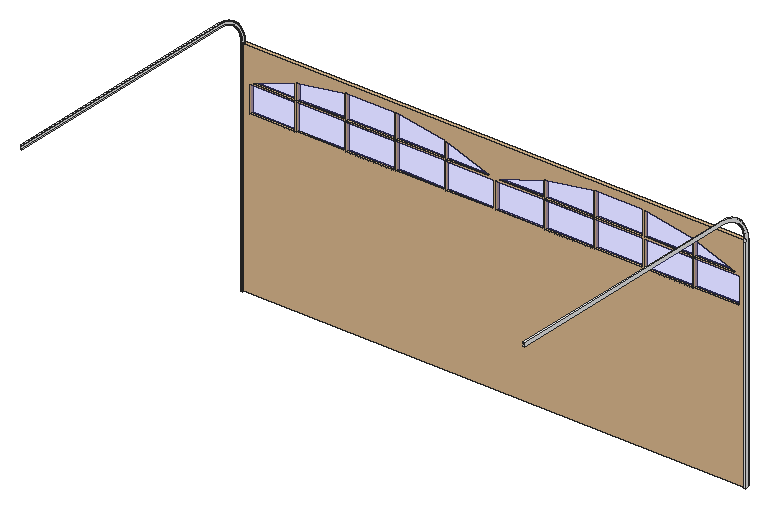
Revit family
Parameters (values of type "7Ft H x 8Ft W")
  Track Width = Width + 0' 2"  # 18' - 2"
  Track Height = Height + 1' 0"  # 9' - 0"
  Track Depth = 10' - 0"
  Track = Metal
  SmartBIM Object Version = 1  # constant formula
  SmartBIM Object Created By = "Reed Construction Data"  # constant formula
  Rough Width = 0' - 0"
  Rough Height = 0' - 0"
  Panel Thickness = 0' - 1 1/2"
  Manufacturer = ""
  Height = 8' - 0"
  Wall Closure = (empty or 0)
  Width = 18' - 0"
  Door Glass = Glass
  Door = Wood
  95 CSI = "08360"  # constant formula
  04 CSI = "08 36 13"  # constant formula
Types (3): name | Track Width | Track Height | Height | Width
  (no name) | 18' - 2" | 9' - 0" | 8' - 0" | 18' - 0"
  7Ft H x 8Ft W | 18' - 2" | 9' - 0" | 8' - 0" | 18' - 0"
  7Ft H x 16Ft W | 16' - 2" | 8' - 0" | 7' - 0" | 16' - 0"
Reference planes (in)
  plane 1 "Center (Front/Back)": y = 0
  plane 2 "Center (Left/Right)": x = 0
  plane 3 "Left": x = -108
  plane 4 "Right": x = 108
  plane 5 "Top": z = 96
  plane 6: x = -109
  plane 7: x = 109
  plane 8: y = -3.25
  plane 9: z = 69.75
  plane 10: z = 23.25
  plane 11: z = 46.5
  plane 12: z = 93
  plane 13: x = 54
  plane 14: x = -54
  plane 15: y = -2.5
  plane 16: y = -2.5
  plane 17 "Ext": y = -3.25
  plane 18: y = -2.5
  plane 19 "Int": y = -1.75
  plane 20: x = -86.4
  plane 21: x = -21.6
  plane 22: x = 21.6
  plane 23: x = 86.4
  plane 24: z = 81.375
  plane 25: x = 43.2
  plane 26: x = -64.8
  plane 27: x = -43.2
  plane 28: x = 64.8
  plane 29: z = 81.875
  plane 30: y = -2.5
Forms (in)
  Extrusion 1, solid, material "Wood" <- "Door"
    sketch origin (0, 0, 0) x (1, 0, 0) y (0, 0, 1)
      loop
        line (-109, 96) -> (-109, 0) -> (109, 0) -> (109, 96) -> (-109, 96)
      loop
        line (106.5, 69.75) -> (106.5, 81.375) -> (86.65, 81.375) -> (86.65, 69.75) -> (106.5, 69.75)
      loop
        line (0.5, 69.75) -> (21.35, 69.75) -> (21.35, 81.375) -> (0.5, 81.375) -> (0.5, 69.75)
      loop
        arc (106.5, 81.875) -> (96.71257, 85.71669) -> (86.65, 88.76579) r 131.7677
        line (86.65, 88.76579) -> (86.65, 81.875) -> (106.5, 81.875)
      loop
        line (0.5, 81.875) -> (21.35, 81.875) -> (21.35, 89.02156)
        arc (21.35, 89.02156) -> (10.77531, 85.88499) -> (0.5, 81.875) r 131.7677
      loop
        line (86.15, 69.75) -> (86.15, 81.375) -> (65.05, 81.375) -> (65.05, 69.75) -> (86.15, 69.75)
      loop
        line (64.55, 69.75) -> (64.55, 81.375) -> (43.45, 81.375) -> (43.45, 69.75) -> (64.55, 69.75)
      loop
        line (65.05, 92.62431) -> (65.05, 81.875) -> (86.15, 81.875) -> (86.15, 89.02593)
        arc (86.15, 89.02593) -> (75.67312, 91.25386) -> (65.05, 92.62431) r 131.89483
      loop
        line (42.95, 69.75) -> (42.95, 81.375) -> (21.85, 81.375) -> (21.85, 69.75) -> (42.95, 69.75)
      loop
        line (43.45, 92.68674) -> (43.45, 81.875) -> (64.55, 81.875) -> (64.55, 92.60645)
        arc (64.55, 92.60645) -> (54.00161, 93.06941) -> (43.45, 92.68674) r 131.83419
      loop
        line (21.85, 89.26008) -> (21.85, 81.875) -> (42.95, 81.875) -> (42.95, 92.69165)
        arc (42.95, 92.69165) -> (32.33035, 91.4041) -> (21.85, 89.26008) r 131.87814
      loop
        line (-21.35, 69.75) -> (-0.5, 69.75) -> (-0.5, 81.375) -> (-21.35, 81.375) -> (-21.35, 69.75)
      loop
        line (-21.35, 89.02628) -> (-21.35, 81.875) -> (-0.5, 81.875)
        arc (-0.5, 81.875) -> (-10.77586, 85.88548) -> (-21.35, 89.02628) r 132.34304
      loop
        line (-21.85, 69.75) -> (-21.85, 81.375) -> (-42.95, 81.375) -> (-42.95, 69.75) -> (-21.85, 69.75)
      loop
        line (-42.95, 92.60581) -> (-42.95, 81.875) -> (-21.85, 81.875) -> (-21.85, 89.15134)
        arc (-21.85, 89.15134) -> (-32.33012, 91.30538) -> (-42.95, 92.60581) r 132.34304
      loop
        line (-43.45, 69.75) -> (-43.45, 81.375) -> (-64.55, 81.375) -> (-64.55, 69.75) -> (-43.45, 69.75)
      loop
        line (-64.55, 92.59966) -> (-64.55, 81.875) -> (-43.45, 81.875) -> (-43.45, 92.64565)
        arc (-43.45, 92.64565) -> (-54.00092, 93.04384) -> (-64.55, 92.59966) r 132.34304
      loop
        line (-65.05, 69.75) -> (-65.05, 81.375) -> (-86.15, 81.375) -> (-86.15, 69.75) -> (-65.05, 69.75)
      loop
        line (-86.65, 69.75) -> (-86.65, 81.375) -> (-106.5, 81.375) -> (-106.5, 69.75) -> (-86.65, 69.75)
      loop
        line (-85.93018, 89.06271) -> (-85.93018, 81.875) -> (-64.96873, 81.875) -> (-64.96873, 92.56459)
        arc (-64.96873, 92.56459) -> (-75.51986, 91.23509) -> (-85.93018, 89.06271) r 132.34304
      loop
        line (-86.65, 81.875) -> (-86.65, 88.76584)
        arc (-86.65, 88.76584) -> (-96.75067, 85.82646) -> (-106.5, 81.875) r 103.29631
        line (-106.5, 81.875) -> (-86.65, 81.875)
    from 1.75 to 3.25
  Extrusion 2, solid, material "Glass" <- "Door Glass"
    sketch origin (0, -3.25, 0) x (1, 0, 0) y (0, 0, 1)
      loop
        arc (106.5, 81.875) -> (96.71257, 85.71669) -> (86.65, 88.76579) r 131.7677
        line (86.65, 88.76579) -> (86.65, 81.875) -> (106.5, 81.875)
      loop
        arc (86.15, 89.02593) -> (75.67312, 91.25386) -> (65.05, 92.62431) r 131.89483
        line (65.05, 92.62431) -> (65.05, 81.875) -> (86.15, 81.875) -> (86.15, 89.02593)
      loop
        arc (64.55, 92.60645) -> (54.00161, 93.06941) -> (43.45, 92.68674) r 131.83419
        line (43.45, 92.68674) -> (43.45, 81.875) -> (64.55, 81.875) -> (64.55, 92.60645)
      loop
        arc (42.95, 92.69165) -> (32.33035, 91.4041) -> (21.85, 89.26008) r 131.87814
        line (21.85, 89.26008) -> (21.85, 81.875) -> (42.95, 81.875) -> (42.95, 92.69165)
      loop
        arc (21.35, 89.02156) -> (10.77531, 85.88499) -> (0.5, 81.875) r 131.7677
        line (0.5, 81.875) -> (21.35, 81.875) -> (21.35, 89.02156)
      loop
        line (21.35, 81.375) -> (0.5, 81.375) -> (0.5, 69.75) -> (21.35, 69.75) -> (21.35, 81.375)
      loop
        line (42.95, 81.375) -> (21.85, 81.375) -> (21.85, 69.75) -> (42.95, 69.75) -> (42.95, 81.375)
      loop
        line (64.55, 81.375) -> (43.45, 81.375) -> (43.45, 69.75) -> (64.55, 69.75) -> (64.55, 81.375)
      loop
        line (86.15, 81.375) -> (65.05, 81.375) -> (65.05, 69.75) -> (86.15, 69.75) -> (86.15, 81.375)
      loop
        line (106.5, 81.375) -> (86.65, 81.375) -> (86.65, 69.75) -> (106.5, 69.75) -> (106.5, 81.375)
      loop
        arc (-0.5, 81.875) -> (-10.77586, 85.88548) -> (-21.35, 89.02628) r 132.34304
        line (-21.35, 89.02628) -> (-21.35, 81.875) -> (-0.5, 81.875)
      loop
        arc (-21.85, 89.15134) -> (-32.33012, 91.30538) -> (-42.95, 92.60581) r 132.34304
        line (-42.95, 92.60581) -> (-42.95, 81.875) -> (-21.85, 81.875) -> (-21.85, 89.15134)
      loop
        arc (-43.45, 92.64565) -> (-54.00092, 93.04384) -> (-64.55, 92.59966) r 132.34304
        line (-64.55, 92.59966) -> (-64.55, 81.875) -> (-43.45, 81.875) -> (-43.45, 92.64565)
      loop
        arc (-64.96873, 92.56459) -> (-75.51986, 91.23509) -> (-85.93018, 89.06271) r 132.34304
        line (-85.93018, 89.06271) -> (-85.93018, 81.875) -> (-64.96873, 81.875) -> (-64.96873, 92.56459)
      loop
        arc (-86.65, 88.76584) -> (-96.75067, 85.82646) -> (-106.5, 81.875) r 103.29631
        line (-106.5, 81.875) -> (-86.65, 81.875) -> (-86.65, 88.76584)
      loop
        line (-86.65, 81.375) -> (-106.5, 81.375) -> (-106.5, 69.75) -> (-86.65, 69.75) -> (-86.65, 81.375)
      loop
        line (-65.05, 81.375) -> (-86.15, 81.375) -> (-86.15, 69.75) -> (-65.05, 69.75) -> (-65.05, 81.375)
      loop
        line (-43.45, 81.375) -> (-64.55, 81.375) -> (-64.55, 69.75) -> (-43.45, 69.75) -> (-43.45, 81.375)
      loop
        line (-21.85, 81.375) -> (-42.95, 81.375) -> (-42.95, 69.75) -> (-21.85, 69.75) -> (-21.85, 81.375)
      loop
        line (-0.5, 81.375) -> (-21.35, 81.375) -> (-21.35, 69.75) -> (-0.5, 69.75) -> (-0.5, 81.375)
    from -0.875 to -0.625
Lines and regions (in)
  Opening 1
    outline origin (-90, -1.75, 0) x (1, 0, 0) y (0, 0, 1)
      loop
        line (-18, 0) -> (198, 0) -> (198, 96) -> (-18, 96) -> (-18, 0)
  model lines
    curve 1: line (1.5, -3.25, 48) -> (106.5, -3.25, 48)
    curve 2: line (106.5, -3.25, 48) -> (106.5, -3.25, 68.25)
    curve 3: line (106.5, -3.25, 68.25) -> (1.5, -3.25, 68.25)
    curve 4: line (105, -3.25, 66.75) -> (3, -3.25, 66.75)
    curve 5: line (3, -3.25, 49.5) -> (105, -3.25, 49.5)
    curve 6: line (105, -3.25, 49.5) -> (105, -3.25, 66.75)
    curve 7: line (1.5, -3.25, 68.25) -> (1.5, -3.25, 48)
    curve 8: line (3, -3.25, 66.75) -> (3, -3.25, 49.5)
    curve 9: line (-1.5, -3.25, 68.25) -> (-1.5, -3.25, 48)
    curve 10: line (-3, -3.25, 66.75) -> (-3, -3.25, 49.5)
    curve 11: line (-106.5, -3.25, 68.25) -> (-106.5, -3.25, 48)
    curve 12: line (-106.5, -3.25, 48) -> (-1.5, -3.25, 48)
    curve 13: line (-1.5, -3.25, 68.25) -> (-106.5, -3.25, 68.25)
    curve 14: line (-3, -3.25, 66.75) -> (-105, -3.25, 66.75)
    curve 15: line (-105, -3.25, 66.75) -> (-105, -3.25, 49.5)
    curve 16: line (-105, -3.25, 49.5) -> (-3, -3.25, 49.5)
    curve 17: line (-106.5, -3.25, 45) -> (-106.5, -3.25, 24.75)
    curve 18: line (-106.5, -3.25, 24.75) -> (-1.5, -3.25, 24.75)
    curve 19: line (-1.5, -3.25, 45) -> (-106.5, -3.25, 45)
    curve 20: line (-3, -3.25, 43.5) -> (-105, -3.25, 43.5)
    curve 21: line (-105, -3.25, 43.5) -> (-105, -3.25, 26.25)
    curve 22: line (-105, -3.25, 26.25) -> (-3, -3.25, 26.25)
    curve 23: line (-1.5, -3.25, 24.75) -> (-1.5, -3.25, 45)
    curve 24: line (-3, -3.25, 26.25) -> (-3, -3.25, 43.5)
    curve 25: line (1.5, -3.25, 24.75) -> (1.5, -3.25, 45)
    curve 26: line (1.5, -3.25, 24.75) -> (106.5, -3.25, 24.75)
    curve 27: line (106.5, -3.25, 24.75) -> (106.5, -3.25, 45)
    curve 28: line (106.5, -3.25, 45) -> (1.5, -3.25, 45)
    curve 29: line (105, -3.25, 43.5) -> (3, -3.25, 43.5)
    curve 30: line (3, -3.25, 26.25) -> (105, -3.25, 26.25)
    curve 31: line (105, -3.25, 26.25) -> (105, -3.25, 43.5)
    curve 32: line (-106.5, -3.25, 1.5) -> (-106.5, -3.25, 21.75)
    curve 33: line (-106.5, -3.25, 21.75) -> (-1.5, -3.25, 21.75)
    curve 34: line (-1.5, -3.25, 1.5) -> (-106.5, -3.25, 1.5)
    curve 35: line (-3, -3.25, 3) -> (-105, -3.25, 3)
    curve 36: line (-105, -3.25, 3) -> (-105, -3.25, 20.25)
    curve 37: line (-105, -3.25, 20.25) -> (-3, -3.25, 20.25)
    curve 38: line (-1.5, -3.25, 1.5) -> (-1.5, -3.25, 21.75)
    curve 39: line (-3, -3.25, 3) -> (-3, -3.25, 20.25)
    curve 40: line (1.5, -3.25, 1.5) -> (1.5, -3.25, 21.75)
    curve 41: line (106.5, -3.25, 1.5) -> (106.5, -3.25, 21.75)
    curve 42: line (106.5, -3.25, 21.75) -> (1.5, -3.25, 21.75)
    curve 43: line (1.5, -3.25, 1.5) -> (106.5, -3.25, 1.5)
    curve 44: line (3, -3.25, 3) -> (105, -3.25, 3)
    curve 45: line (105, -3.25, 3) -> (105, -3.25, 20.25)
    curve 46: line (105, -3.25, 20.25) -> (3, -3.25, 20.25)
    curve 47: line (1.5, -1.75, 48) -> (106.5, -1.75, 48)
    curve 48: line (106.5, -1.75, 48) -> (106.5, -1.75, 68.25)
    curve 49: line (106.5, -1.75, 68.25) -> (1.5, -1.75, 68.25)
    curve 50: line (105, -1.75, 66.75) -> (3, -1.75, 66.75)
    curve 51: line (3, -1.75, 49.5) -> (105, -1.75, 49.5)
    curve 52: line (105, -1.75, 49.5) -> (105, -1.75, 66.75)
    curve 53: line (1.5, -1.75, 68.25) -> (1.5, -1.75, 48)
    curve 54: line (3, -1.75, 66.75) -> (3, -1.75, 49.5)
    curve 55: line (-1.5, -1.75, 68.25) -> (-1.5, -1.75, 48)
    curve 56: line (-3, -1.75, 66.75) -> (-3, -1.75, 49.5)
    curve 57: line (-106.5, -1.75, 68.25) -> (-106.5, -1.75, 48)
    curve 58: line (-106.5, -1.75, 48) -> (-1.5, -1.75, 48)
    curve 59: line (-1.5, -1.75, 68.25) -> (-106.5, -1.75, 68.25)
    curve 60: line (-3, -1.75, 66.75) -> (-105, -1.75, 66.75)
    curve 61: line (-105, -1.75, 66.75) -> (-105, -1.75, 49.5)
    curve 62: line (-105, -1.75, 49.5) -> (-3, -1.75, 49.5)
    curve 63: line (-106.5, -1.75, 45) -> (-106.5, -1.75, 24.75)
    curve 64: line (-106.5, -1.75, 24.75) -> (-1.5, -1.75, 24.75)
    curve 65: line (-1.5, -1.75, 45) -> (-106.5, -1.75, 45)
    curve 66: line (-3, -1.75, 43.5) -> (-105, -1.75, 43.5)
    curve 67: line (-105, -1.75, 43.5) -> (-105, -1.75, 26.25)
    curve 68: line (-105, -1.75, 26.25) -> (-3, -1.75, 26.25)
    curve 69: line (-1.5, -1.75, 24.75) -> (-1.5, -1.75, 45)
    curve 70: line (-3, -1.75, 26.25) -> (-3, -1.75, 43.5)
    curve 71: line (1.5, -1.75, 24.75) -> (1.5, -1.75, 45)
    curve 72: line (1.5, -1.75, 24.75) -> (106.5, -1.75, 24.75)
    curve 73: line (106.5, -1.75, 24.75) -> (106.5, -1.75, 45)
    curve 74: line (106.5, -1.75, 45) -> (1.5, -1.75, 45)
    curve 75: line (105, -1.75, 43.5) -> (3, -1.75, 43.5)
    curve 76: line (3, -1.75, 26.25) -> (105, -1.75, 26.25)
    curve 77: line (105, -1.75, 26.25) -> (105, -1.75, 43.5)
    curve 78: line (-106.5, -1.75, 1.5) -> (-106.5, -1.75, 21.75)
    curve 79: line (-106.5, -1.75, 21.75) -> (-1.5, -1.75, 21.75)
    curve 80: line (-1.5, -1.75, 1.5) -> (-106.5, -1.75, 1.5)
    curve 81: line (-3, -1.75, 3) -> (-105, -1.75, 3)
    curve 82: line (-105, -1.75, 3) -> (-105, -1.75, 20.25)
    curve 83: line (-105, -1.75, 20.25) -> (-3, -1.75, 20.25)
    curve 84: line (-1.5, -1.75, 1.5) -> (-1.5, -1.75, 21.75)
    curve 85: line (-3, -1.75, 3) -> (-3, -1.75, 20.25)
    curve 86: line (1.5, -1.75, 1.5) -> (1.5, -1.75, 21.75)
    curve 87: line (106.5, -1.75, 1.5) -> (106.5, -1.75, 21.75)
    curve 88: line (106.5, -1.75, 21.75) -> (1.5, -1.75, 21.75)
    curve 89: line (1.5, -1.75, 1.5) -> (106.5, -1.75, 1.5)
    curve 90: line (3, -1.75, 3) -> (105, -1.75, 3)
    curve 91: line (105, -1.75, 3) -> (105, -1.75, 20.25)
    curve 92: line (105, -1.75, 20.25) -> (3, -1.75, 20.25)
    curve 93: line (3, -1.75, 66.75) -> (1.5, -1.75, 68.25)
    curve 94: line (3, -1.75, 49.5) -> (1.5, -1.75, 48)
    curve 95: line (105, -1.75, 66.75) -> (106.5, -1.75, 68.25)
    curve 96: line (105, -1.75, 49.5) -> (106.5, -1.75, 48)
    curve 97: line (105, -1.75, 26.25) -> (106.5, -1.75, 24.75)
    curve 98: line (105, -1.75, 43.5) -> (106.5, -1.75, 45)
    curve 99: line (105, -1.75, 20.25) -> (106.5, -1.75, 21.75)
    curve 100: line (105, -1.75, 3) -> (106.5, -1.75, 1.5)
    curve 101: line (3, -1.75, 20.25) -> (1.5, -1.75, 21.75)
    curve 102: line (3, -1.75, 3) -> (1.5, -1.75, 1.5)
    curve 103: line (-3, -1.75, 20.25) -> (-1.5, -1.75, 21.75)
    curve 104: line (-3, -1.75, 3) -> (-1.5, -1.75, 1.5)
    curve 105: line (-105, -1.75, 20.25) -> (-106.5, -1.75, 21.75)
    curve 106: line (-105, -1.75, 3) -> (-106.5, -1.75, 1.5)
    curve 107: line (-105, -1.75, 26.25) -> (-106.5, -1.75, 24.75)
    curve 108: line (-105, -1.75, 43.5) -> (-106.5, -1.75, 45)
    curve 109: line (-3, -1.75, 26.25) -> (-1.5, -1.75, 24.75)
    curve 110: line (-3, -1.75, 43.5) -> (-1.5, -1.75, 45)
    curve 111: line (3, -1.75, 26.25) -> (1.5, -1.75, 24.75)
    curve 112: line (3, -1.75, 43.5) -> (1.5, -1.75, 45)
    curve 113: line (-3, -1.75, 66.75) -> (-1.5, -1.75, 68.25)
    curve 114: line (-3, -1.75, 49.5) -> (-1.5, -1.75, 48)
    curve 115: line (-105, -1.75, 66.75) -> (-106.5, -1.75, 68.25)
    curve 116: line (-105, -1.75, 49.5) -> (-106.5, -1.75, 48)
    curve 117: line (-105, -3.25, 66.75) -> (-106.5, -3.25, 68.25)
    curve 118: line (-105, -3.25, 49.5) -> (-106.5, -3.25, 48)
    curve 119: line (-3, -3.25, 66.75) -> (-1.5, -3.25, 68.25)
    curve 120: line (-3, -3.25, 49.5) -> (-1.5, -3.25, 48)
    curve 121: line (3, -3.25, 66.75) -> (1.5, -3.25, 68.25)
    curve 122: line (3, -3.25, 49.5) -> (1.5, -3.25, 48)
    curve 123: line (105, -3.25, 66.75) -> (106.5, -3.25, 68.25)
    curve 124: line (105, -3.25, 49.5) -> (106.5, -3.25, 48)
    curve 125: line (105, -3.25, 26.25) -> (106.5, -3.25, 24.75)
    curve 126: line (105, -3.25, 43.5) -> (106.5, -3.25, 45)
    curve 127: line (3, -3.25, 26.25) -> (1.5, -3.25, 24.75)
    curve 128: line (3, -3.25, 43.5) -> (1.5, -3.25, 45)
    curve 129: line (-3, -3.25, 26.25) -> (-1.5, -3.25, 24.75)
    curve 130: line (-3, -3.25, 43.5) -> (-1.5, -3.25, 45)
    curve 131: line (-105, -3.25, 26.25) -> (-106.5, -3.25, 24.75)
    curve 132: line (-105, -3.25, 43.5) -> (-106.5, -3.25, 45)
    curve 133: line (-105, -3.25, 20.25) -> (-106.5, -3.25, 21.75)
    curve 134: line (-105, -3.25, 3) -> (-106.5, -3.25, 1.5)
    curve 135: line (-3, -3.25, 20.25) -> (-1.5, -3.25, 21.75)
    curve 136: line (-3, -3.25, 3) -> (-1.5, -3.25, 1.5)
    curve 137: line (3, -3.25, 20.25) -> (1.5, -3.25, 21.75)
    curve 138: line (3, -3.25, 3) -> (1.5, -3.25, 1.5)
    curve 139: line (105, -3.25, 20.25) -> (106.5, -3.25, 21.75)
    curve 140: line (105, -3.25, 3) -> (106.5, -3.25, 1.5)
    curve 141: line (3, -3.25, 43.5) -> (3, -3.25, 26.25)
    curve 142: line (3, -1.75, 26.25) -> (3, -1.75, 43.5)
    curve 143: line (3, -1.75, 3) -> (3, -1.75, 20.25)
    curve 144: line (3, -3.25, 3) -> (3, -3.25, 20.25)
Text (in)
  text "Exterior" at (-74.96733, 27.31104, 0), in view "Ref. Level"
  text "Interior" at (-76.69036, -30.31274, 0), in view "Ref. Level"
  text "Exterior" at (0, 40.15149, 123.01588), in view "Right"
  text "Interior" at (0, -64.39139, 123.01588), in view "Right"
  text "Interior" at (0, -31.01599, 123.00693), in view "Left"
  text "Exterior" at (0, 54.57065, 123.00693), in view "Left"
Dimensions and locks (in)
  equal spacing: plane 3 "Left", plane 2 "Center (Left/Right)", plane 4 "Right"
  "Height": level to plane 5 "Top"
  "Width": plane 3 "Left" to plane 4 "Right"
  locked: plane 6 to plane 3 "Left" at 1
  locked: plane 4 "Right" to plane 7 at 1
  locked: plane 12 to plane 5 "Top" at 3
  equal spacing: level, plane 10, plane 11, plane 9, plane 12
  equal spacing: plane 2 "Center (Left/Right)", plane 13, plane 4 "Right"
  equal spacing: plane 2 "Center (Left/Right)", plane 14, plane 3 "Left"
  host wall to plane 15 to plane 8 = 0' - 0 3/4", 0' - 0 3/4"
  curve 6 to curve 2 to plane 4 "Right" = 0' - 1 1/2" locked, 0' - 1 1/2" locked
  curve 4 to curve 3 to plane 9 = 0' - 1 1/2" locked, 0' - 1 1/2" locked
  plane 11 to curve 1 to curve 5 = 0' - 1 1/2" locked, 0' - 1 1/2" locked
  curve 8 to curve 7 to plane 2 "Center (Left/Right)" = 0' - 1 1/2" locked, 0' - 1 1/2" locked
  plane 2 "Center (Left/Right)" to curve 9 to curve 10 = 0' - 1 1/2" locked, 0' - 1 1/2" locked
  plane 3 "Left" to curve 11 to curve 15 = 0' - 1 1/2" locked, 0' - 1 1/2" locked
  plane 11 to curve 19 to curve 20 = 0' - 1 1/2" locked, 0' - 1 1/2" locked
  curve 22 to curve 18 to plane 10 = 0' - 1 1/2" locked, 0' - 1 1/2" locked
  plane 10 to curve 33 to curve 37 = 0' - 1 1/2" locked, 0' - 1 1/2" locked
  curve 35 to curve 34 to level = 0' - 1 1/2" locked, 0' - 1 1/2" locked
  equal spacing: plane 17 "Ext", plane 18, plane 19 "Int"
  locked: curve 52 to curve 48 at 1.5
  locked: curve 50 to curve 49 at 1.5
  locked: curve 47 to curve 51 at 1.5
  locked: curve 54 to curve 53 at 1.5
  locked: curve 55 to curve 56 at 1.5
  locked: curve 57 to curve 61 at 1.5
  locked: curve 65 to curve 66 at 1.5
  locked: curve 68 to curve 64 at 1.5
  locked: curve 79 to curve 83 at 1.5
  locked: curve 81 to curve 80 at 1.5
  "Panel Thickness": plane 19 "Int" to plane 17 "Ext"
  equal spacing: plane 12, plane 24, plane 9
  equal spacing: plane 4 "Right", plane 23, plane 28, plane 25, plane 22, plane 2 "Center (Left/Right)"
  equal spacing: plane 2 "Center (Left/Right)", plane 21, plane 27, plane 26, plane 20, plane 3 "Left"
  locked: plane 24 to plane 29 at 0.5
  locked: plane 12 to Extrusion 1 sketch curve at 0.00387
  locked: Extrusion 1 sketch curve to Extrusion 1 sketch curve at 0.5
  locked: Extrusion 1 sketch curve to plane 2 "Center (Left/Right)" at 0.5
  locked: plane 2 "Center (Left/Right)" to Extrusion 1 sketch curve at 0.5
  equal spacing: Extrusion 2, plane 30, Extrusion 2
  locked: Extrusion 2 to Extrusion 2 at 0.25
  locked: Extrusion 1 sketch curve to plane 5 "Top" at 6.97372
  locked: Extrusion 1 sketch curve to plane 12 at 4.23416
  aligned and locked: plane 3 "Left" to Opening 1 sketch curve
  aligned and locked: plane 5 "Top" to Opening 1 sketch curve
  aligned and locked: Opening 1 sketch curve to plane 5 "Top"
  aligned and locked: Opening 1 sketch curve to plane 4 "Right"
  aligned and locked: Opening 1 sketch curve to level
  aligned and locked: Extrusion 1 sketch curve to plane 6
  aligned and locked: Extrusion 1 sketch curve to plane 7
  aligned and locked: Extrusion 1 sketch curve to level
  aligned and locked: Extrusion 1 sketch curve to host wall
  aligned and locked: plane 15 to plane 16
  aligned and locked: curve 15 to curve 21
  aligned and locked: curve 11 to curve 17
  aligned and locked: curve 24 to curve 10
  aligned and locked: curve 23 to curve 9
  aligned and locked: curve 25 to curve 7
  aligned and locked: curve 31 to curve 6
  aligned and locked: curve 27 to curve 2
  aligned and locked: curve 32 to curve 17
  aligned and locked: curve 36 to curve 21
  aligned and locked: curve 39 to curve 24
  aligned and locked: curve 38 to curve 23
  aligned and locked: curve 40 to curve 25
  aligned and locked: curve 45 to curve 31
  aligned and locked: curve 41 to curve 27
  aligned and locked: host wall to plane 19 "Int"
  aligned and locked: plane 16 to plane 18
  aligned and locked: Extrusion 1 to plane 17 "Ext"
  aligned and locked: Extrusion 1 to host wall
  aligned and locked: curve 117 to curve 115
  aligned and locked: curve 8 to curve 141
  aligned and locked: Extrusion 1 sketch curve to plane 29  (x2)
  aligned and locked: Extrusion 1 sketch curve to plane 24  (x3)
  aligned and locked: Extrusion 1 sketch curve to plane 9
  aligned and locked: plane 24 to Extrusion 1 sketch curve  (x2)
  aligned and locked: plane 29 to Extrusion 1 sketch curve
  aligned and locked: Extrusion 1 sketch curve to Extrusion 1 sketch curve  (x5)
  aligned and locked: curve 11 to Extrusion 1 sketch curve
  aligned and locked: Extrusion 2 sketch curve to Extrusion 1  (x74)
  aligned and locked: plane 30 to plane 18
  aligned and locked: nested 1 to plane 2 "Center (Left/Right)"
  aligned and locked: nested 1 to plane 17 "Ext"
Automatic sketch dimensions
  curve 108 to plane 3 "Left" = 0' - 1 1/2"
  curve 116 to plane 3 "Left" = 0' - 1 1/2"
  curve 105 to plane 3 "Left" = 0' - 1 1/2"
  curve 63 to curve 66 = 0' - 1 1/2"
  curve 78 to curve 81 = 0' - 1 1/2"
  curve 62 to plane 2 "Center (Left/Right)" = 0' - 3"
  curve 66 to plane 2 "Center (Left/Right)" = 0' - 3"
  curve 81 to plane 2 "Center (Left/Right)" = 0' - 3"
  curve 103 to plane 2 "Center (Left/Right)" = 0' - 1 1/2"
  curve 69 to plane 2 "Center (Left/Right)" = 0' - 1 1/2"
  plane 2 "Center (Left/Right)" to curve 47 = 0' - 1 1/2"
  plane 2 "Center (Left/Right)" to curve 112 = 0' - 1 1/2"
  plane 2 "Center (Left/Right)" to curve 86 = 0' - 1 1/2"
  curve 86 to curve 143 = 0' - 1 1/2"
  curve 71 to curve 111 = 0' - 1 1/2"
  plane 4 "Right" to curve 99 = 0' - 3"
  plane 4 "Right" to curve 50 = 0' - 3"
  plane 4 "Right" to curve 98 = 0' - 3"
  plane 4 "Right" to curve 73 = 0' - 1 1/2"
  plane 4 "Right" to curve 87 = 0' - 1 1/2"
  level to curve 78 = 0' - 1 1/2"
  level to curve 87 = 0' - 1 1/2"
  curve 86 to curve 102 = 0' - 1 1/2"
  curve 85 to plane 10 = 0' - 3"
  curve 91 to plane 10 = 0' - 3"
  curve 101 to plane 10 = 0' - 1 1/2"
  plane 10 to curve 71 = 0' - 1 1/2"
  plane 10 to curve 69 = 0' - 1 1/2"
  curve 72 to curve 77 = 0' - 1 1/2"
  curve 67 to plane 11 = 0' - 3"
  curve 77 to plane 11 = 0' - 3"
  curve 74 to plane 11 = 0' - 1 1/2"
  plane 11 to curve 94 = 0' - 1 1/2"
  plane 11 to curve 55 = 0' - 1 1/2"
  curve 55 to curve 62 = 0' - 1 1/2"
  curve 95 to plane 9 = 0' - 3"
  curve 61 to plane 9 = 0' - 3"
  curve 59 to plane 9 = 0' - 1 1/2"
  curve 40 to curve 138 = 0' - 1 1/2"
  level to curve 41 = 0' - 1 1/2"
  curve 41 to curve 45 = 0' - 1 1/2"
  curve 144 to plane 10 = 0' - 3"
  curve 42 to plane 10 = 0' - 1 1/2"
  plane 10 to curve 25 = 0' - 1 1/2"
  curve 25 to curve 127 = 0' - 1 1/2"
  curve 128 to plane 11 = 0' - 3"
  curve 25 to plane 11 = 0' - 1 1/2"
  plane 11 to curve 120 = 0' - 1 1/2"
  curve 12 to curve 16 = 0' - 1 1/2"
  Extrusion 2 sketch curve to Extrusion 2 sketch curve = 0' - 0.21982"
  Extrusion 2 sketch curve to Extrusion 2 sketch curve = 0' - 0.41873"
  Extrusion 1 sketch curve to Extrusion 1 sketch curve = 0' - 0"  (x10)
  Extrusion 1 sketch curve to plane 9 = 0' - 0"  (x9)
  Extrusion 1 sketch curve to plane 29 = 0' - 0"  (x7)
  Extrusion 1 sketch curve to plane 24 = 0' - 0"  (x4)
  plane 20 to Extrusion 1 sketch curve = 0' - 0 1/4"  (x2)
  Extrusion 1 sketch curve to plane 20 = 0' - 0 1/4"
  Extrusion 1 sketch curve to plane 20 = 0' - 0.46982"
  Extrusion 1 sketch curve to plane 26 = 0' - 0 1/4"
  Extrusion 1 sketch curve to plane 26 = 0' - 0.16873"
  plane 26 to Extrusion 1 sketch curve = 0' - 0 1/4"  (x2)
  plane 26 to Extrusion 1 sketch curve = 0' - 1.92506"
  Extrusion 1 sketch curve to plane 14 = 0' - 0.28751"
  Extrusion 1 sketch curve to plane 27 = 0' - 0 1/4"  (x2)
  plane 27 to Extrusion 1 sketch curve = 0' - 0 1/4"  (x2)
  Extrusion 1 sketch curve to plane 21 = 0' - 0 1/4"  (x2)
  plane 21 to Extrusion 1 sketch curve = 0' - 0 1/4"  (x2)
  plane 2 "Center (Left/Right)" to Extrusion 1 sketch curve = 0' - 0 1/2"
  plane 22 to Extrusion 1 sketch curve = 0' - 0 1/4"  (x2)
  Extrusion 1 sketch curve to plane 22 = 0' - 0 1/4"  (x2)
  Extrusion 1 sketch curve to plane 25 = 0' - 0 1/4"  (x2)
  plane 25 to Extrusion 1 sketch curve = 0' - 0 1/4"  (x2)
  plane 13 to Extrusion 1 sketch curve = 0' - 0 1/2"
  Extrusion 1 sketch curve to plane 28 = 0' - 0 1/4"  (x2)
  plane 28 to Extrusion 1 sketch curve = 0' - 0 1/4"  (x2)
  Extrusion 1 sketch curve to plane 23 = 0' - 0 1/4"  (x2)
  plane 23 to Extrusion 1 sketch curve = 0' - 0 1/4"  (x2)
  plane 4 "Right" to Extrusion 1 sketch curve = 0' - 1 1/2"
  Extrusion 1 sketch curve to Extrusion 1 sketch curve = 0' - 0.26014"
  Extrusion 1 sketch curve to Extrusion 1 sketch curve = 0' - 0.23853"
  Extrusion 1 sketch curve to plane 12 = 0' - 0.39355"
Nested families (in)
  nested 1: "Door Track" at (-0.5, -64, 0), Width <- "Track Width", Height <- "Track Height", Depth <- "Track Depth", type "Door Track"
    with Width 18' - 2", Height 9' - 0", Depth 10' - 0"
Definition of nested family "Door Track"
  Parameters
    Width [instance] = 10' - 0"
    Track = Metal
    Height [instance] = 11' - 0"
    Depth [instance] = 10' - 0"
  Reference planes (in)
    plane 1 "Center (Front/Back)": y = 0
    plane 2: z = 0
    plane 3 "Center (Left/Right)": x = 0.5
    plane 4 "Back": y = 60
    plane 5 "Front": y = -60
    plane 6 "Left": x = -59.5
    plane 7 "Right": x = 60.5
    plane 8 "Top": z = 132
    plane 9 "Center (Up/Down)": z = 66
    plane 10: y = 60.75
    plane 11: y = 61.5
  Forms (in)
    Sweep 1, solid, material "Metal" <- "Track"
      path origin (60.5, 60, 48) x (0, 1, 0) y (0, 0, 1)
        loop
          line (0, -48) -> (0, 72)
          arc (0, 72) -> (-3.51472, 80.48528) -> (-12, 84) r 12
          line (-12, 84) -> (-120, 84)
      profile origin (60.5, -6, 132) x (0, 0, -1) y (1, 0, 0)
        loop
          line (-1.5, 0) -> (-1.375, 0) -> (-1.375, 0.375) -> (-0.125, 0.375) -> (-0.125, 0) -> (0, 0) -> (0, 0.5) -> (-1.5, 0.5) -> (-1.5, 0)
    Sweep 2, solid, material "Metal" <- "Track"
      path origin (-59.5, 60, 48) x (0, 1, 0) y (0, 0, 1)
        loop
          line (0, -48) -> (0, 72)
          arc (0, 72) -> (-3.51472, 80.48528) -> (-12, 84) r 12
          line (-12, 84) -> (-120, 84)
      profile origin (-59.5, -6, 132) x (0, 0, -1) y (1, 0, 0)
        loop
          line (-1.5, 0) -> (-1.5, -0.5) -> (0, -0.5) -> (0, 0) -> (-0.125, 0) -> (-0.125, -0.375) -> (-1.375, -0.375) -> (-1.375, 0) -> (-1.5, 0)
  Dimensions and locks (in)
    equal spacing: plane 6 "Left", plane 3 "Center (Left/Right)", plane 7 "Right"
    "Width": plane 6 "Left" to plane 7 "Right"
    equal spacing: plane 4 "Back", plane 1 "Center (Front/Back)", plane 5 "Front"
    "Depth": plane 4 "Back" to plane 5 "Front"
    "Height": plane 8 "Top" to plane 2
    equal spacing: plane 8 "Top", plane 9 "Center (Up/Down)", level
    locked: Sweep 2 sketch curve to Sweep 2 sketch curve at 0.125  (x3)
    locked: Sweep 2 sketch curve to Sweep 2 sketch curve at 0.5  (x2)
    locked: Sweep 2 sketch curve to Sweep 2 sketch curve at 1.5
    locked: Sweep 1 sketch curve to Sweep 1 sketch curve at 0.5  (x2)
    locked: Sweep 1 sketch curve to Sweep 1 sketch curve at 0.125  (x3)
    locked: Sweep 1 sketch curve to Sweep 1 sketch curve at 1.5
    equal spacing: plane 4 "Back", plane 10, plane 11
    locked: plane 10 to plane 11 at 0.75
    radius of Sweep 1 sketch curve = 1' - 0"
    radius of Sweep 2 sketch curve = 1' - 0"
    aligned and locked: plane 8 "Top" to Sweep 1 sketch curve  (x2)
    aligned and locked: plane 5 "Front" to Sweep 1 sketch curve
    aligned and locked: plane 4 "Back" to Sweep 1 sketch curve
    aligned and locked: plane 4 "Back" to Sweep 2 sketch curve
    aligned and locked: plane 5 "Front" to Sweep 2 sketch curve
    aligned and locked: level to Sweep 2 sketch curve
    aligned and locked: Sweep 2 sketch curve to profile plane  (x2)
    aligned and locked: Sweep 1 sketch curve to profile plane
    aligned and locked: plane 11 to Sweep 1
  Automatic sketch dimensions
    Sweep 1 sketch curve to level = 0' - 0"
    Sweep 2 sketch curve to plane 8 "Top" = 0' - 0"
